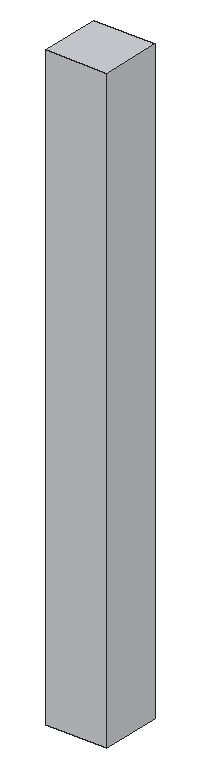
Revit family "NLRS_28_SC_beton_rechthoek_TPG", category Structural Columns, Revit 2020
Family settings
  Display in Hidden Views = Edges Hidden by Other Members
  Section Shape = Rectangle
  Material for Model Behavior = Concrete
  Always export as geometry = No
  Beam cutback in plan = From bounding box
  Cut with Voids When Loaded = No
  Symbolic Representation = From Family
  Shared = No
  Show family pre-cut in plan views = Yes
Parameters (values of type "BK 250x250")
  lengte [instance] = 2500 mm
  h = 250 mm
  b = 250 mm
  Width = b  # 25.0 cm
  Type Comments = ""
  Structural Material [instance] = none
  Section Area = h * b  # 625.0 cm²
  Perimeter = 2 * h + 2 * b  # 1.00 m²/m
  Moment of Inertia weak axis = (1 / 12) * h * b * b * b  # 32552.08 cm4
  Moment of Inertia strong axis = (1 / 12) * b * h * h * h  # 32552.08 cm4
  Height = h  # 25.0 cm
  Centroid Vertical = h / 2  # 12.5 cm
  Centroid Horizontal = b / 2  # 12.5 cm
  Assembly Code = "2B(28.1)"
Types (2, lengths in mm): name | h | b | Width | Type Comments | Section Area | Perimeter | Moment of Inertia weak axis | Moment of Inertia strong axis | Height | Centroid Vertical | Centroid Horizontal
  BK 250x250 | 250 | 250 | 25.0 cm | "" | 625.0 cm² | 1.00 m²/m | 32552.08 cm4 | 32552.08 cm4 | 25.0 cm | 12.5 cm | 12.5 cm
  BK 180x180 | 180 | 180 | 18.0 cm | "beton opstort 220x250" | 324.0 cm² | 0.72 m²/m | 8748.00 cm4 | 8748.00 cm4 | 18.0 cm | 9.0 cm | 9.0 cm
Reference planes
  plane 1 "Center (Front/Back)": y = 0
  plane 2: z = 0
  plane 3 "Center (Left/Right)": x = 0
  plane 4: x = -125
  plane 5: x = 125
  plane 6: y = 125
  plane 7: y = -125
Forms (mm)
  Extrusion 1, solid, material <- "Structural Material"
    sketch origin (0, 0, 0) x (1, 0, 0) y (0, 1, 0)
      loop
        line (-125, 125) -> (-125, -125) -> (125, -125) -> (125, 125) -> (-125, 125)
    from 0 to 2500
Dimensions and locks
  equal spacing: plane 4, plane 3 "Center (Left/Right)", plane 5
  equal spacing: plane 7, plane 1 "Center (Front/Back)", plane 6
  "h": plane 7 to plane 6
  "b": plane 4 to plane 5
  "lengte": level to level
  aligned and locked: plane 6 to Extrusion 1 sketch curve
  aligned and locked: Extrusion 1 sketch curve to plane 7
  aligned and locked: Extrusion 1 sketch curve to plane 4
  aligned and locked: plane 5 to Extrusion 1 sketch curve
  aligned and locked: level to Extrusion 1
  aligned and locked: level to plane 2
  aligned and locked: Extrusion 1 to plane 2
